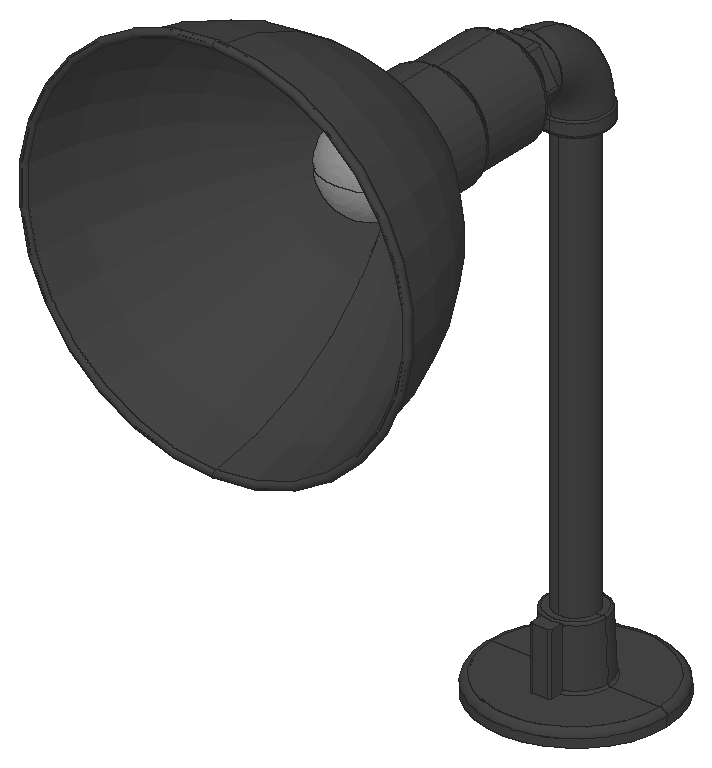
Revit family "BLE-G-DBW-G1-E26", category Lighting Fixtures, host Face, Revit 2022
Family settings
  Host = Face
  Round Connector Dimension = Use Diameter
  Part Type = Normal
  Cut with Voids When Loaded = No
  Light Source = Yes
  Maintain Annotation Orientation = No
  Shared = No
  Room Calculation Point = No
Parameters (values of type "10"")
  Wattage = 5.72229 W
  built-in parameter 1150110 = 1 (stored number, unit not read)
  built-in parameter 1114217 = 1 (stored number, unit not read)
  Tilt Angle = 0.00°
  built-in parameter 1150109 = 1 (stored number, unit not read)
  built-in parameter 1150134 = (empty or 0)
  built-in parameter 1150113 = 1 (stored number, unit not read)
  Gooseneck Material = 100 - Black
  Shade Material = 100 - Black
  Photometric Web File = "generic"
  built-in parameter 1150142 = (empty or 0)
  built-in parameter 1150105 = 67.641 (stored number, unit not read)
  Lumens = 850 lm
  built-in parameter 1150115 = 1 (stored number, unit not read)
  built-in parameter 1150137 = (empty or 0)
  built-in parameter 1150139 = (empty or 0)
  built-in parameter 1150112 = 1 (stored number, unit not read)
  built-in parameter 1150114 = 1 (stored number, unit not read)
  built-in parameter 1150132 = 2
  built-in parameter 1150102 = (empty or 0)
  built-in parameter 1150107 = 3000 (stored number, unit not read)
  built-in parameter 1150138 = (empty or 0)
  built-in parameter 1150106 = 0.67641 (stored number, unit not read)
  24" = no
  built-in parameter 1150104 = 13.8 (stored number, unit not read)
  20" = no
  Dimming Lamp Color Temperature Shift = <None>
  Default Elevation = 4' - 0"
  Color Filter = 16777215
  Base Material = 100 - Black
  built-in parameter 1114218 = 1 (stored number, unit not read)
  built-in parameter 1150133 = 10 (stored number, unit not read)
  16" = no
  14" = no
  12" = no
  10" = yes
Types (7): name | 24" | 20" | 16" | 14" | 12" | 10"
  (no name) | no | no | no | no | no | yes
  12" | no | no | no | no | yes | no
  14" | no | no | no | yes | no | no
  16" | no | no | yes | no | no | no
  10" | no | no | no | no | no | yes
  20" | no | yes | no | no | no | no
  24" | yes | no | no | no | no | no
Reference planes (in)
  plane 1 "Center (Front/Back)": y = 0
  plane 2: z = 0
  plane 3 "Center (Left/Right)": x = 0
Lines and regions (in)
  reference lines
    curve 1: line (0, 32, 0) -> (0, -36, 0)
    curve 2: line (-33.11947, 0, 0) -> (37.88053, 0, 0)
Dimensions and locks (in)
  locked: plane 1 "Center (Front/Back)" to imposter light at 5.75
  aligned and locked: plane 2 to host face
  aligned and locked: level to host face
  aligned and locked: plane 3 "Center (Left/Right)" to nested 1
  aligned and locked: plane 1 "Center (Front/Back)" to nested 1
  aligned and locked: nested 4 to imposter light
  aligned and locked: imposter light to nested 6  (x2)
  aligned and locked: nested 7 to nested 3
  aligned and locked: imposter light to plane 3 "Center (Left/Right)"
  aligned and locked: plane 1 "Center (Front/Back)" to nested 2
  aligned and locked: imposter light to nested 3  (x2)
  aligned and locked: imposter light to nested 7
  aligned and locked: nested 5 to imposter light
  aligned and locked: nested 5 to nested 2
  aligned and locked: imposter light to nested 5
Nested families (in)
  nested 1: "WBP-7501" at (0, 0, 0), type "WBP-7501"
  nested 2: "G1" at (0, 0, 1.975), type "GNK-5011"
  nested 3: "DBW Shade" at (0, -2.46318, 14.91375) x (0, 0, -1) z (0, -1, 0), type "DBW Shade"
    with 24" no, 20" no, 16" no, 14" no, 12" no
  nested 4: "103264" at (0, -3.60156, 14.91375) x (0, 0, -1) z (0, -1, 0), type "103264"
    with Heat Sink 9" no
  nested 5: "CPL-0004" at (0, -1.813, 14.91375) x (1, 0, 0) z (0, -1, 0), type "CPL-0004"
  nested 6: "E26 Socket Assy" at (0, -2.50224, 14.91375) x (0, 0, -1) z (0, -1, 0), type "E26 Socket Assy"
  nested 7: "E26 Bulb" at (0, -4.75723, 14.91375) x (1, 0, 0) z (0, -1, 0), type "E26 Bulb"
Connectors (in)
  electrical at (0, 0, 0)
    settings: index 1, voltage 0 V, apparent load 0 VA, apparent load phase1 0 VA, apparent load phase2 0 VA, apparent load phase3 0 VA, power factor 1, load classification "Other", number of poles 1, system type 31, power factor state 1, is connector primary yes, connector utility no, sub classification motor no, connector description ""
Definition of nested family "WBP-7501"
  Parameters (values of type "WBP-7501")
    Default Elevation = 3' - 0"
    Base Material = none
  Reference planes (in)
    plane 1 "Center (Front/Back)": y = 0
    plane 2: z = 0
    plane 3 "Center (Left/Right)": x = 0
    plane 4 "Base Dia": x = -2.325
    plane 5 "Base Height": z = 0.4
    plane 6 "Fillet Radius": z = 0.225
    plane 7: z = 0.458
    plane 8: x = -0.87
    plane 9: x = -0.81
    plane 10: x = -0.76
    plane 11: z = 1.917
    plane 12: z = 1.975
    plane 13: x = -0.7
    plane 14: x = -0.2595
    plane 15: x = 0.2595
    plane 16: y = -1.135
  Forms (in)
    Extrusion 1, solid
      sketch origin (0, 0, 0) x (1, 0, 0) y (0, 1, 0)
        loop
          line (-48, 48) -> (-48, -48) -> (48, -48) -> (48, 48) -> (-48, 48)
      from 0 to -12
    Revolve 2, solid, material <- "Base Material"
      sketch origin (0, 0, 0) x (1, 0, 0) y (0, 0, 1)
        loop
          line (0, 0) -> (0, 1.975) -> (-0.7, 1.975)
          arc (-0.7, 1.975) -> (-0.74172, 1.95814) -> (-0.76, 1.91702) r 0.06003
          line (-0.76, 1.91702) -> (-0.81, 0.458)
          arc (-0.81, 0.458) -> (-0.82699, 0.41699) -> (-0.868, 0.4) r 0.058
          line (-0.868, 0.4) -> (-2.15, 0.4)
          arc (-2.15, 0.4) -> (-2.27374, 0.34874) -> (-2.325, 0.225) r 0.175
          line (-2.325, 0.225) -> (-2.325, 0) -> (0, 0)
        axis (0, 0) -> (0, 1.975)
      angle from 0 to 360
    Extrusion 3, solid, material <- "Base Material"
      sketch origin (0, 0, 0) x (1, 0, 0) y (0, 1, 0)
        loop
          line (-0.2595, -0.76731) -> (-0.2595, -1.075)
          arc (-0.2595, -1.075) -> (-0.24193, -1.11743) -> (-0.1995, -1.135) r 0.06
          line (-0.1995, -1.135) -> (0.1995, -1.135)
          arc (0.1995, -1.135) -> (0.24193, -1.11743) -> (0.2595, -1.075) r 0.06
          line (0.2595, -1.075) -> (0.2595, -0.76731)
          arc (0.2595, -0.76731) -> (0, -0.81) -> (-0.2595, -0.76731) r 0.81
      from 0 to 1.975
  Cuts and joins
    joined: Revolve 2, Extrusion 3
  Dimensions and locks (in)
    plane 4 "Base Dia" to plane 3 "Center (Left/Right)" = 0' - 2.325"
    locked: plane 5 "Base Height" to Extrusion 1 at 0.4
    locked: plane 3 "Center (Left/Right)" to plane 4 "Base Dia" at 2.325
    locked: plane 5 "Base Height" to plane 6 "Fillet Radius" at 0.175
    locked: plane 3 "Center (Left/Right)" to plane 9 at 0.81
    locked: plane 3 "Center (Left/Right)" to plane 8 at 0.87
    locked: plane 3 "Center (Left/Right)" to plane 10 at 0.76
    locked: plane 3 "Center (Left/Right)" to plane 13 at 0.7
    locked: plane 11 to plane 5 "Base Height" at 1.517
    locked: plane 12 to plane 5 "Base Height" at 1.575
    locked: plane 7 to plane 5 "Base Height" at 0.058
    locked: plane 14 to plane 3 "Center (Left/Right)" at 0.2595
    locked: plane 3 "Center (Left/Right)" to plane 15 at 0.2595
    locked: plane 16 to plane 1 "Center (Front/Back)" at 1.135
    radius of Revolve 2 sketch curve = 0' - 0.175"
    aligned and locked: plane 2 to Extrusion 1
    aligned and locked: level to Extrusion 1
    aligned and locked: Revolve 2 sketch curve to plane 5 "Base Height"
    aligned and locked: plane 9 to Revolve 2 sketch curve
    aligned and locked: plane 3 "Center (Left/Right)" to Revolve 2 sketch curve
    aligned and locked: plane 15 to Extrusion 3 sketch curve
    aligned and locked: Extrusion 3 sketch curve to plane 16
    aligned and locked: Extrusion 3 sketch curve to plane 14
  Automatic sketch dimensions
    Extrusion 1 sketch curve to Extrusion 1 sketch curve = 8' - 0"  (x2)
    Revolve 2 sketch curve to level = 0' - 0"
    Revolve 2 sketch curve to plane 4 "Base Dia" = 0' - 0"
    Revolve 2 sketch curve to plane 7 = 0' - 0"  (x2)
    plane 10 to Revolve 2 sketch curve = 0' - 0"
    Revolve 2 sketch curve to plane 12 = 0' - 0"
    Revolve 2 sketch curve to plane 13 = 0' - 0"
    Revolve 2 sketch curve to plane 3 "Center (Left/Right)" = 0' - 0"
    Revolve 2 sketch curve to Revolve 2 sketch curve = 0' - 0.22742"
    Revolve 2 sketch curve to Revolve 2 sketch curve = 0' - 1.76377"
    plane 1 "Center (Front/Back)" to Extrusion 3 sketch curve = 0' - 0"
    Extrusion 3 sketch curve to plane 3 "Center (Left/Right)" = 0' - 0"
    plane 14 to Extrusion 3 sketch curve = 0' - 0.06"
    Extrusion 3 sketch curve to plane 15 = 0' - 0.06"
    Extrusion 3 sketch curve to Extrusion 3 sketch curve = 0' - 0.30769"
Definition of nested family "G1"
  Parameters (values of type "G1")
    Gooseneck Material = none
    Default Elevation = 2' - 0"
  Reference planes (in)
    plane 1 "Center (Front/Back)": y = 0
    plane 2: z = 0
    plane 3 "Center (Left/Right)": x = 0
    plane 4 "Wood Height": z = 0
    plane 5: z = 12.93875
  Forms (in)
    Extrusion 1, solid
      sketch origin (0, 0, 0) x (1, 0, 0) y (0, 1, 0)
        loop
          line (-48, 48) -> (-48, -48) -> (48, -48) -> (48, 48) -> (-48, 48)
      from 0 to -12
  Dimensions and locks (in)
    aligned and locked: plane 2 to Extrusion 1
    aligned and locked: level to Extrusion 1
    aligned and locked: Extrusion 1 to plane 4 "Wood Height"
    aligned and locked: plane 3 "Center (Left/Right)" to nested 1
    aligned and locked: plane 1 "Center (Front/Back)" to nested 1
    aligned and locked: nested 2 to plane 3 "Center (Left/Right)"
    aligned and locked: nested 2 to plane 1 "Center (Front/Back)"
  Nested families (in)
    nested 1: "GNK-7514" at (0, 0, 0), type "GNK-5001"
    nested 2: "APF-750X" at (0, 0, 11.12575) x (-1, 0, 0) z (0, 0, 1), type "APF-500X"
  Definition of nested family "GNK-7514"
    Parameters (values of type "GNK-7514")
      Gooseneck Material = none
      Default Elevation = 2' - 0"
    Reference planes (in)
      plane 1 "Center (Front/Back)": y = 0
      plane 2: z = -0.0015
      plane 3 "Center (Left/Right)": x = 0
      plane 4 "Wood Height": z = -0.0015
    Forms (in)
      Extrusion 1, solid
        sketch origin (0, 0, 0) x (1, 0, 0) y (0, 1, 0)
          loop
            line (-48, 48) -> (-48, -48) -> (48, -48) -> (48, 48) -> (-48, 48)
        from -0.0015 to -12
      Sweep 2, solid, material <- "Gooseneck Material"
        path origin (0, 0, 0) x (0, 1, 0) y (0, 0, 1)
          loop
            line (0, -0.0015) -> (0, 11.12575)
        profile origin (0, 0, 5.56212) x (0, -1, 0) y (1, 0, 0)
          loop
            circle (0, 0) r 0.52676
    Dimensions and locks (in)
      aligned and locked: plane 2 to Extrusion 1
      aligned and locked: level to Extrusion 1
      aligned and locked: Extrusion 1 to plane 4 "Wood Height"
  Definition of nested family "APF-750X"
    Parameters (values of type "APF-750X")
      Gooseneck Material = none
      Default Elevation = 2' - 0"
    Reference planes (in)
      plane 1 "Center (Front/Back)": y = 0
      plane 2: z = 0
      plane 3 "Center (Left/Right)": x = 0
      plane 4: z = 0.375
      plane 5: y = 0.8225
      plane 6: y = 1.438
      plane 7: y = 1.813
      plane 8: z = 1.813
      plane 9: z = 0.9905
      plane 10: y = 0.77
    Forms (in)
      Extrusion 1, solid
        sketch origin (0, 0, 0) x (1, 0, 0) y (0, 1, 0)
          loop
            line (-48, 48) -> (-48, -48) -> (48, -48) -> (48, 48) -> (-48, 48)
        from 0 to -12
      Revolve 2, solid, material <- "Gooseneck Material"
        sketch origin (0, 0, 0) x (0, 1, 0) y (0, 0, 1)
          loop
            line (0, 0.375) -> (0, 0) -> (0.7825, 0)
            arc (0.7825, 0) -> (0.81078, 0.01172) -> (0.8225, 0.04) r 0.04
            line (0.8225, 0.04) -> (0.8225, 0.335)
            arc (0.8225, 0.335) -> (0.81078, 0.36328) -> (0.7825, 0.375) r 0.04
            line (0.7825, 0.375) -> (0, 0.375)
          axis (0, 0.375) -> (0, 0)
        angle from 0 to 360
      Revolve 3, solid, material <- "Gooseneck Material"
        sketch origin (0, 0, 0) x (0, 1, 0) y (0, 0, 1)
          loop
            line (1.438, 1.813) -> (1.438, 1.0305)
            arc (1.438, 1.0305) -> (1.44972, 1.00222) -> (1.478, 0.9905) r 0.04
            line (1.478, 0.9905) -> (1.773, 0.9905)
            arc (1.773, 0.9905) -> (1.80128, 1.00222) -> (1.813, 1.0305) r 0.04
            line (1.813, 1.0305) -> (1.813, 1.813) -> (1.438, 1.813)
          axis (1.813, 1.813) -> (1.438, 1.813)
        angle from 0 to 360
      Sweep 4, solid, material <- "Gooseneck Material"
        path origin (0, 0, 0) x (0, 1, 0) y (0, 0, 1)
          loop
            line (0, 0) -> (0, 0.375)
            arc (0, 0.375) -> (0.42118, 1.39182) -> (1.438, 1.813) r 1.438
            line (1.438, 1.813) -> (1.813, 1.813)
        profile origin (0, 0, 0.1875) x (0, -1, 0) y (1, 0, 0)
          loop
            circle (0, 0) r 0.77
    Cuts and joins
      joined: Revolve 2, Revolve 3, Sweep 4
    Dimensions and locks (in)
      locked: plane 5 to plane 1 "Center (Front/Back)" at 0.8225
      locked: plane 4 to Extrusion 1 at 0.375
      locked: plane 7 to plane 6 at 0.375
      locked: plane 6 to plane 1 "Center (Front/Back)" at 1.438
      locked: plane 8 to plane 4 at 1.438
      locked: plane 8 to plane 9 at 0.8225
      plane 10 to plane 1 "Center (Front/Back)" = 0' - 0.77"  (x2)
      radius of Revolve 3 sketch curve = 0' - 0.04"
      aligned and locked: plane 2 to Extrusion 1
      aligned and locked: level to Extrusion 1
      aligned and locked: plane 1 "Center (Front/Back)" to Revolve 2 sketch curve
      aligned and locked: Revolve 3 sketch curve to plane 8
    Automatic sketch dimensions
      Extrusion 1 sketch curve to Extrusion 1 sketch curve = 8' - 0"  (x2)
      Revolve 2 sketch curve to plane 1 "Center (Front/Back)" = 0' - 0"
      Revolve 2 sketch curve to level = 0' - 0"
      Revolve 2 sketch curve to plane 4 = 0' - 0"
      Revolve 2 sketch curve to plane 5 = 0' - 0"
      plane 5 to Revolve 2 sketch curve = 0' - 0.04"
      Revolve 2 sketch curve to Revolve 2 sketch curve = 0' - 0.04"
      Revolve 2 sketch curve to level = 0' - 0.2686"
      plane 4 to Revolve 2 sketch curve = 0' - 0 1/4"
      Revolve 3 sketch curve to plane 5 = 0' - 0"
      Revolve 3 sketch curve to plane 6 = 0' - 0"
      Revolve 3 sketch curve to plane 9 = 0' - 0"
      Revolve 3 sketch curve to plane 7 = 0' - 0"
      Revolve 3 sketch curve to plane 8 = 0' - 0"
      plane 7 to Revolve 3 sketch curve = 0' - 0.04"
      Revolve 3 sketch curve to Revolve 3 sketch curve = 0' - 0.18003"
      Sweep 4 sketch curve to plane 6 = 0' - 0"
      Sweep 4 sketch curve to plane 7 = 0' - 0"
      Sweep 4 sketch curve to level = 0' - 0"
      Sweep 4 sketch curve to plane 4 = 0' - 0"
      Sweep 4 sketch curve to plane 8 = 0' - 0"
      Sweep 4 sketch curve to plane 3 "Center (Left/Right)" = 0' - 0"
      Sweep 4 sketch curve to profile plane = 0' - 0"
      radius of Sweep 4 sketch curve = 0' - 0.77"
Definition of nested family "DBW Shade"
  Parameters (values of type "DBW Shade")
    Shade Material = none
    Default Elevation = 2' - 0"
    24" = yes
    20" = yes
    10" = yes
    16" = yes
    14" = yes
    12" = yes
  Reference planes (in)
    plane 1 "Center (Front/Back)": y = 0
    plane 2: z = 0
    plane 3 "Center (Left/Right)": x = 0
  Forms (in)
    Extrusion 1, solid
      sketch origin (0, 0, 0) x (1, 0, 0) y (0, 1, 0)
        loop
          line (-48, 48) -> (-48, -48) -> (48, -48) -> (48, 48) -> (-48, 48)
      from 0 to -12
  Dimensions and locks (in)
    aligned and locked: plane 2 to Extrusion 1
    aligned and locked: level to Extrusion 1
    aligned and locked: plane 1 "Center (Front/Back)" to nested 1
    aligned and locked: plane 3 "Center (Left/Right)" to nested 1
    aligned and locked: plane 3 "Center (Left/Right)" to nested 2
    aligned and locked: plane 1 "Center (Front/Back)" to nested 2
    aligned and locked: plane 1 "Center (Front/Back)" to nested 3
    aligned and locked: plane 3 "Center (Left/Right)" to nested 3
    aligned and locked: plane 1 "Center (Front/Back)" to nested 4
    aligned and locked: plane 1 "Center (Front/Back)" to nested 5
    aligned and locked: plane 3 "Center (Left/Right)" to nested 5
    aligned and locked: plane 3 "Center (Left/Right)" to nested 6
    aligned and locked: plane 1 "Center (Front/Back)" to nested 6
    aligned and locked: plane 3 "Center (Left/Right)" to nested 4
  Nested families (in)
    nested 1: "SHD-0028" at (0, 0, 0), visible <- "10"", type "SHD-0028"
    nested 2: "SHD-0029" at (0, 0, 0), visible <- "12"", type "SHD-0029"
    nested 3: "SHD-0114" at (0, 0, 0), visible <- "14"", type "SHD-0114"
    nested 4: "SHD-0115" at (0, 0, 0), visible <- "16"", type "SHD-0115"
    nested 5: "SHD-0308" at (0, 0, 0), visible <- "24"", type "SHD-0308"
    nested 6: "SHD-0223" at (0, 0, 0), visible <- "20"", type "SHD-0223"
  Definition of nested family "SHD-0028"
    Parameters (values of type "SHD-0028")
      Shade Material = none
      Default Elevation = 2' - 0"
    Reference planes (in)
      plane 1 "Center (Front/Back)": y = 0
      plane 2: z = 0
      plane 3 "Center (Left/Right)": x = 0
      plane 4 "Wood Height": z = 0
      plane 5 "Nut Radius": x = -1.03713
      plane 6 "Nut Flat": x = -0.861
      plane 7 "Shade Thickness": z = 0.04
      plane 8 "Lower Shade bottom": z = 9.109
      plane 9 "Lower Shade Outer Dia": x = -5
      plane 10 "Shade Top Dia": x = -1.20713
      plane 11 "Shade Middle Radius Height1": z = 1.965
      plane 12 "Shade Lower Diameter1": x = -1.44113
      plane 13 "Shade Top Radius": x = -1.29713
      plane 14 "Shade Middle Radious Height2": z = 2.105
      plane 15 "Shade Middle Radius Diameter2": x = -1.41363
      plane 16 "Lip Height": z = 9.029
      plane 17 "Bowl Start": z = 3.545
      plane 18: x = -4.85
      plane 19: z = 9.069
    Forms (in)
      Extrusion 1, solid
        sketch origin (0, 0, 0) x (1, 0, 0) y (0, 1, 0)
          loop
            line (-48, 48) -> (-48, -48) -> (48, -48) -> (48, 48) -> (-48, 48)
        from 0 to -12
      Revolve 2, solid, material <- "Shade Material"
        sketch origin (0, 0, 0) x (1, 0, 0) y (0, 0, 1)
          loop
            line (0, 0) -> (0, 0.03906) -> (-1.20713, 0.03906)
            arc (-1.20713, 0.03906) -> (-1.24314, 0.05398) -> (-1.25806, 0.09) r 0.05094
            line (-1.25806, 0.09) -> (-1.25806, 1.94384)
            arc (-1.25806, 1.94384) -> (-1.26409, 1.97759) -> (-1.28141, 2.00717) r 0.09757
            line (-1.28141, 2.00717) -> (-1.37456, 2.11635) -> (-1.37456, 3.48096)
            arc (-1.37456, 3.48096) -> (-1.39014, 3.54099) -> (-1.43295, 3.58588) r 0.12347
            arc (-1.43295, 3.58588) -> (-3.7536, 5.90437) -> (-4.80544, 9.01154) r 7.20294
            arc (-4.80544, 9.01154) -> (-4.99326, 9.04214) -> (-4.84504, 8.9228) r 0.09841
            line (-4.84504, 8.9228) -> (-4.86619, 8.95581)
            arc (-4.86619, 8.95581) -> (-4.95809, 9.02506) -> (-4.84432, 9.00777) r 0.05934
            arc (-4.84432, 9.00777) -> (-3.78678, 5.88375) -> (-1.45354, 3.55268) r 7.242
            arc (-1.45354, 3.55268) -> (-1.42428, 3.522) -> (-1.41363, 3.48096) r 0.0844
            line (-1.41363, 3.48096) -> (-1.41363, 2.13147)
            arc (-1.41363, 2.13147) -> (-1.40868, 2.10377) -> (-1.39446, 2.07949) r 0.08009
            line (-1.39446, 2.07949) -> (-1.31112, 1.98181)
            arc (-1.31112, 1.98181) -> (-1.30074, 1.96408) -> (-1.29713, 1.94384) r 0.0585
            line (-1.29713, 1.94384) -> (-1.29713, 0.09)
            arc (-1.29713, 0.09) -> (-1.27077, 0.02636) -> (-1.20713, 0) r 0.09
            line (-1.20713, 0) -> (0, 0)
          axis (0, 9.01154) -> (0, 0)
        angle from 0 to 360
    Dimensions and locks (in)
      locked: plane 6 "Nut Flat" to plane 3 "Center (Left/Right)" at 0.861
      locked: plane 7 "Shade Thickness" to plane 4 "Wood Height" at 0.04
      locked: plane 3 "Center (Left/Right)" to plane 9 "Lower Shade Outer Dia" at 5
      locked: plane 11 "Shade Middle Radius Height1" to plane 4 "Wood Height" at 1.965
      locked: plane 14 "Shade Middle Radious Height2" to plane 4 "Wood Height" at 2.105
      locked: plane 8 "Lower Shade bottom" to plane 16 "Lip Height" at 0.08
      locked: plane 17 "Bowl Start" to plane 4 "Wood Height" at 3.545
      locked: plane 18 to plane 9 "Lower Shade Outer Dia" at 0.15
      locked: plane 8 "Lower Shade bottom" to plane 19 at 0.04
      locked: plane 8 "Lower Shade bottom" to plane 4 "Wood Height" at 9.109
      aligned and locked: plane 2 to Extrusion 1
      aligned and locked: level to Extrusion 1
      aligned and locked: plane 4 "Wood Height" to Revolve 2 sketch curve
      aligned and locked: plane 10 "Shade Top Dia" to Revolve 2 sketch curve
      aligned and locked: Revolve 2 sketch curve to plane 15 "Shade Middle Radius Diameter2"
      aligned and locked: Revolve 2 sketch curve to plane 13 "Shade Top Radius"
      aligned and locked: Extrusion 1 to plane 4 "Wood Height"
    Automatic sketch dimensions
      Extrusion 1 sketch curve to Extrusion 1 sketch curve = 8' - 0"  (x2)
      Revolve 2 sketch curve to Revolve 2 sketch curve = 0' - 0"  (x12)
      Revolve 2 sketch curve to plane 3 "Center (Left/Right)" = 0' - 0"  (x2)
      plane 18 to Revolve 2 sketch curve = 0' - 0.00496"
      Revolve 2 sketch curve to plane 18 = 0' - 0.01619"
      plane 15 "Shade Middle Radius Diameter2" to Revolve 2 sketch curve = 0' - 0.01916"
      plane 14 "Shade Middle Radious Height2" to Revolve 2 sketch curve = 0' - 0.01135"
      plane 15 "Shade Middle Radius Diameter2" to Revolve 2 sketch curve = 0' - 0 5/128"
      Revolve 2 sketch curve to plane 11 "Shade Middle Radius Height1" = 0' - 0.02116"
      plane 15 "Shade Middle Radius Diameter2" to Revolve 2 sketch curve = 0' - 0.058"
      plane 14 "Shade Middle Radious Height2" to Revolve 2 sketch curve = 0' - 0.02647"
      Revolve 2 sketch curve to plane 13 "Shade Top Radius" = 0' - 0.01572"
      Revolve 2 sketch curve to Revolve 2 sketch curve = 0' - 0 5/128"
      Revolve 2 sketch curve to plane 17 "Bowl Start" = 0' - 0.06404"
      plane 18 to Revolve 2 sketch curve = 0' - 0.00568"
      plane 17 "Bowl Start" to Revolve 2 sketch curve = 0' - 0.15101"
      Revolve 2 sketch curve to Revolve 2 sketch curve = 0' - 2.15863"
      Revolve 2 sketch curve to plane 12 "Shade Lower Diameter1" = 0' - 0.00818"
      Revolve 2 sketch curve to Revolve 2 sketch curve = 0' - 0.03888"  (x2)
      Revolve 2 sketch curve to Revolve 2 sketch curve = 0' - 0.03301"
      Revolve 2 sketch curve to Revolve 2 sketch curve = 0' - 0.02059"
      Revolve 2 sketch curve to Revolve 2 sketch curve = 0' - 0.03319"
  Definition of nested family "SHD-0029"
    Parameters (values of type "SHD-0029")
      Shade Material = none
      Default Elevation = 2' - 0"
    Reference planes (in)
      plane 1 "Center (Front/Back)": y = 0
      plane 2: z = 0
      plane 3 "Center (Left/Right)": x = 0
      plane 4 "Wood Height": z = 0
      plane 5 "Nut Radius": x = -1.03713
      plane 6 "Nut Flat": x = -0.861
      plane 7 "Shade Thickness": z = 0.04
      plane 8 "Shade Top Dia": x = -1.20713
      plane 9 "Shade Middle Radius Height1": z = 1.965
      plane 10 "Shade Lower Diameter1": x = -1.44113
      plane 11 "Shade Top Radius": x = -1.29713
      plane 12 "Shade Middle Radious Height2": z = 2.105
      plane 13 "Shade Middle Radius Diameter2": x = -1.41363
      plane 14 "Bowl Start": z = 3.545
    Forms (in)
      Extrusion 1, solid
        sketch origin (0, 0, 0) x (1, 0, 0) y (0, 1, 0)
          loop
            line (-48, 48) -> (-48, -48) -> (48, -48) -> (48, 48) -> (-48, 48)
        from 0 to -12
      Revolve 2, solid, material <- "Shade Material"
        sketch origin (0, 0, 0) x (1, 0, 0) y (0, 0, 1)
          loop
            line (0, 0) -> (0, 0.03906) -> (-1.20713, 0.03906)
            arc (-1.20713, 0.03906) -> (-1.24314, 0.05398) -> (-1.25806, 0.09) r 0.05094
            line (-1.25806, 0.09) -> (-1.25806, 1.94384)
            arc (-1.25806, 1.94384) -> (-1.26409, 1.97759) -> (-1.28141, 2.00717) r 0.09757
            line (-1.28141, 2.00717) -> (-1.37456, 2.11635) -> (-1.37456, 3.49488)
            arc (-1.37456, 3.49488) -> (-1.3856, 3.54027) -> (-1.41623, 3.57553) r 0.09889
            arc (-1.41623, 3.57553) -> (-4.2546, 6.22323) -> (-5.80711, 9.7808) r 9.56481
            arc (-5.80711, 9.7808) -> (-5.99536, 9.79563) -> (-5.84506, 9.68132) r 0.09841
            line (-5.84506, 9.68132) -> (-5.86621, 9.71432)
            arc (-5.86621, 9.71432) -> (-5.9593, 9.78052) -> (-5.84534, 9.77276) r 0.05934
            arc (-5.84534, 9.77276) -> (-4.28694, 6.2013) -> (-1.43786, 3.54296) r 9.60387
            arc (-1.43786, 3.54296) -> (-1.42003, 3.5218) -> (-1.41363, 3.49488) r 0.05982
            line (-1.41363, 3.49488) -> (-1.41363, 2.13147)
            arc (-1.41363, 2.13147) -> (-1.40868, 2.10377) -> (-1.39446, 2.07949) r 0.08009
            line (-1.39446, 2.07949) -> (-1.31112, 1.98181)
            arc (-1.31112, 1.98181) -> (-1.30074, 1.96408) -> (-1.29713, 1.94384) r 0.0585
            line (-1.29713, 1.94384) -> (-1.29713, 0.09)
            arc (-1.29713, 0.09) -> (-1.27077, 0.02636) -> (-1.20713, 0) r 0.09
            line (-1.20713, 0) -> (0, 0)
          axis (0, 9.7808) -> (0, 0)
        angle from 0 to 360
    Dimensions and locks (in)
      locked: plane 6 "Nut Flat" to plane 3 "Center (Left/Right)" at 0.861
      locked: plane 7 "Shade Thickness" to plane 4 "Wood Height" at 0.04
      locked: plane 9 "Shade Middle Radius Height1" to plane 4 "Wood Height" at 1.965
      locked: plane 12 "Shade Middle Radious Height2" to plane 4 "Wood Height" at 2.105
      locked: plane 14 "Bowl Start" to plane 4 "Wood Height" at 3.545
      aligned and locked: plane 2 to Extrusion 1
      aligned and locked: level to Extrusion 1
      aligned and locked: plane 4 "Wood Height" to Revolve 2 sketch curve
      aligned and locked: plane 8 "Shade Top Dia" to Revolve 2 sketch curve
      aligned and locked: Revolve 2 sketch curve to plane 13 "Shade Middle Radius Diameter2"
      aligned and locked: Revolve 2 sketch curve to plane 11 "Shade Top Radius"
      aligned and locked: Extrusion 1 to plane 4 "Wood Height"
    Automatic sketch dimensions
      Extrusion 1 sketch curve to Extrusion 1 sketch curve = 8' - 0"  (x2)
      Revolve 2 sketch curve to Revolve 2 sketch curve = 0' - 0"  (x15)
      Revolve 2 sketch curve to plane 3 "Center (Left/Right)" = 0' - 0"  (x2)
      plane 10 "Shade Lower Diameter1" to Revolve 2 sketch curve = 0' - 0.03232"
      Revolve 2 sketch curve to Revolve 2 sketch curve = 0' - 0.02115"
      Revolve 2 sketch curve to Revolve 2 sketch curve = 0' - 0.0372"
      plane 13 "Shade Middle Radius Diameter2" to Revolve 2 sketch curve = 0' - 0.01916"
      plane 12 "Shade Middle Radious Height2" to Revolve 2 sketch curve = 0' - 0.01135"
      plane 13 "Shade Middle Radius Diameter2" to Revolve 2 sketch curve = 0' - 0 5/128"
      Revolve 2 sketch curve to plane 9 "Shade Middle Radius Height1" = 0' - 0.02116"
      plane 13 "Shade Middle Radius Diameter2" to Revolve 2 sketch curve = 0' - 0.058"
      plane 12 "Shade Middle Radious Height2" to Revolve 2 sketch curve = 0' - 0.02647"
      Revolve 2 sketch curve to plane 11 "Shade Top Radius" = 0' - 0.01572"
      Revolve 2 sketch curve to Revolve 2 sketch curve = 0' - 0 5/128"
      Revolve 2 sketch curve to plane 14 "Bowl Start" = 0' - 0.05012"
      Revolve 2 sketch curve to Revolve 2 sketch curve = 0' - 0.03301"
      Revolve 2 sketch curve to Revolve 2 sketch curve = 0' - 0.04623"
      Revolve 2 sketch curve to plane 13 "Shade Middle Radius Diameter2" = 0' - 0.00261"
      Revolve 2 sketch curve to plane 14 "Bowl Start" = 0' - 0.00204"
      plane 14 "Bowl Start" to Revolve 2 sketch curve = 0' - 0.15101"
      Revolve 2 sketch curve to Revolve 2 sketch curve = 0' - 2.15863"
      plane 10 "Shade Lower Diameter1" to Revolve 2 sketch curve = 0' - 4.40394"
      plane 3 "Center (Left/Right)" to Revolve 2 sketch curve = 0' - 3.5532"
      plane 14 "Bowl Start" to Revolve 2 sketch curve = 0' - 6.13632"
  Definition of nested family "SHD-0114"
    Parameters (values of type "SHD-0114")
      Shade Material = none
      Default Elevation = 2' - 0"
    Reference planes (in)
      plane 1 "Center (Front/Back)": y = 0
      plane 2: z = 0
      plane 3 "Center (Left/Right)": x = 0
      plane 4 "Wood Height": z = 0
    Forms (in)
      Extrusion 1, solid
        sketch origin (0, 0, 0) x (1, 0, 0) y (0, 1, 0)
          loop
            line (-48, 48) -> (-48, -48) -> (48, -48) -> (48, 48) -> (-48, 48)
        from 0 to -12
      Revolve 2, solid, material <- "Shade Material"
        sketch origin (0, 0, 0) x (1, 0, 0) y (0, 0, 1)
          loop
            line (0, 0) -> (0, 0.03906) -> (-1.45545, 0.03906)
            arc (-1.45545, 0.03906) -> (-1.49164, 0.05405) -> (-1.50663, 0.09025) r 0.05119
            line (-1.50663, 0.09025) -> (-1.50663, 2.07228)
            arc (-1.50663, 2.07228) -> (-1.51325, 2.1034) -> (-1.53194, 2.12913) r 0.0765
            line (-1.53194, 2.12913) -> (-1.59895, 2.18946)
            arc (-1.59895, 2.18946) -> (-1.61737, 2.21483) -> (-1.62389, 2.24549) r 0.07539
            line (-1.62389, 2.24549) -> (-1.62389, 3.76049)
            arc (-1.62389, 3.76049) -> (-1.63985, 3.81863) -> (-1.68326, 3.86047) r 0.11386
            arc (-1.68326, 3.86047) -> (-5.12462, 6.95788) -> (-6.79993, 11.27416) r 9.99002
            arc (-6.79993, 11.27416) -> (-6.99505, 11.29998) -> (-6.84047, 11.17815) r 0.10205
            line (-6.84047, 11.17815) -> (-6.86365, 11.20959)
            arc (-6.86365, 11.20959) -> (-6.95906, 11.28479) -> (-6.83863, 11.26885) r 0.06299
            arc (-6.83863, 11.26885) -> (-5.15677, 6.93569) -> (-1.70196, 3.82617) r 10.02909
            arc (-1.70196, 3.82617) -> (-1.67344, 3.79868) -> (-1.66295, 3.76049) r 0.07479
            line (-1.66295, 3.76049) -> (-1.66295, 2.24549)
            arc (-1.66295, 2.24549) -> (-1.65306, 2.19894) -> (-1.62508, 2.16043) r 0.11445
            line (-1.62508, 2.16043) -> (-1.55808, 2.1001)
            arc (-1.55808, 2.1001) -> (-1.54893, 2.08751) -> (-1.54569, 2.07228) r 0.03743
            line (-1.54569, 2.07228) -> (-1.54569, 0.09025)
            arc (-1.54569, 0.09025) -> (-1.51926, 0.02643) -> (-1.45545, 0) r 0.09025
            line (-1.45545, 0) -> (0, 0)
          axis (0, 11.27416) -> (0, 0)
        angle from 0 to 360
    Dimensions and locks (in)
      aligned and locked: plane 2 to Extrusion 1
      aligned and locked: level to Extrusion 1
      aligned and locked: Extrusion 1 to plane 4 "Wood Height"
    Automatic sketch dimensions
      Extrusion 1 sketch curve to Extrusion 1 sketch curve = 8' - 0"  (x2)
      Revolve 2 sketch curve to Revolve 2 sketch curve = 0' - 0"  (x25)
      Revolve 2 sketch curve to level = 0' - 0"
      Revolve 2 sketch curve to plane 3 "Center (Left/Right)" = 0' - 0"  (x2)
      Revolve 2 sketch curve to Revolve 2 sketch curve = 0' - 0.01239"
      Revolve 2 sketch curve to Revolve 2 sketch curve = 0' - 0.07479"
      Revolve 2 sketch curve to Revolve 2 sketch curve = 0' - 0.02318"
      Revolve 2 sketch curve to Revolve 2 sketch curve = 0' - 0.03738"
      Revolve 2 sketch curve to Revolve 2 sketch curve = 0' - 0.03144"
      Revolve 2 sketch curve to Revolve 2 sketch curve = 0' - 0.0507"
      Revolve 2 sketch curve to Revolve 2 sketch curve = 0' - 0.01869"  (x2)
      Revolve 2 sketch curve to Revolve 2 sketch curve = 0' - 2.15863"
      plane 3 "Center (Left/Right)" to Revolve 2 sketch curve = 0' - 3.09734"
      Revolve 2 sketch curve to Revolve 2 sketch curve = 0' - 0.02614"
      Revolve 2 sketch curve to Revolve 2 sketch curve = 0' - 0 5/128"  (x2)
      Revolve 2 sketch curve to Revolve 2 sketch curve = 0' - 1.45545"
      Revolve 2 sketch curve to Revolve 2 sketch curve = 0' - 0.05119"
      Revolve 2 sketch curve to Revolve 2 sketch curve = 0' - 0.02531"
      Revolve 2 sketch curve to Revolve 2 sketch curve = 0' - 0.01656"
      Revolve 2 sketch curve to Revolve 2 sketch curve = 0' - 0.02505"
      Revolve 2 sketch curve to Revolve 2 sketch curve = 0' - 0.05045"
      Revolve 2 sketch curve to plane 3 "Center (Left/Right)" = 0' - 6.84047"
      Revolve 2 sketch curve to Revolve 2 sketch curve = 0' - 1.98204"
      Revolve 2 sketch curve to Revolve 2 sketch curve = 0' - 1.515"
      Revolve 2 sketch curve to Revolve 2 sketch curve = 0' - 7.41765"
      Revolve 2 sketch curve to Revolve 2 sketch curve = 0' - 0.06448"
  Definition of nested family "SHD-0115"
    Parameters (values of type "SHD-0115")
      Shade Material = none
      Default Elevation = 2' - 0"
    Reference planes (in)
      plane 1 "Center (Front/Back)": y = 0
      plane 2: z = 0
      plane 3 "Center (Left/Right)": x = 0
      plane 4 "Wood Height": z = 0
    Forms (in)
      Extrusion 1, solid
        sketch origin (0, 0, 0) x (1, 0, 0) y (0, 1, 0)
          loop
            line (-48, 48) -> (-48, -48) -> (48, -48) -> (48, 48) -> (-48, 48)
        from 0 to -12
      Revolve 2, solid, material <- "Shade Material"
        sketch origin (0, 0, 0) x (1, 0, 0) y (0, 0, 1)
          loop
            line (0, 0) -> (0, 0.03906) -> (-1.45545, 0.03906)
            arc (-1.45545, 0.03906) -> (-1.49164, 0.05405) -> (-1.50663, 0.09025) r 0.05119
            line (-1.50663, 0.09025) -> (-1.50663, 2.07228)
            arc (-1.50663, 2.07228) -> (-1.51325, 2.1034) -> (-1.53194, 2.12913) r 0.0765
            line (-1.53194, 2.12913) -> (-1.59895, 2.18946)
            arc (-1.59895, 2.18946) -> (-1.61737, 2.21483) -> (-1.62389, 2.24549) r 0.07539
            line (-1.62389, 2.24549) -> (-1.62389, 3.76049)
            arc (-1.62389, 3.76049) -> (-1.64115, 3.82076) -> (-1.6877, 3.86276) r 0.11386
            arc (-1.6877, 3.86276) -> (-5.9143, 7.51176) -> (-7.79992, 12.76759) r 10.98102
            arc (-7.79992, 12.76759) -> (-7.99459, 12.80067) -> (-7.84102, 12.67655) r 0.10205
            line (-7.84102, 12.67655) -> (-7.8642, 12.70799)
            arc (-7.8642, 12.70799) -> (-7.95899, 12.7846) -> (-7.83883, 12.76418) r 0.06299
            arc (-7.83883, 12.76418) -> (-5.94651, 7.48965) -> (-1.70487, 3.82767) r 11.02008
            arc (-1.70487, 3.82767) -> (-1.67429, 3.80009) -> (-1.66295, 3.76049) r 0.07479
            line (-1.66295, 3.76049) -> (-1.66295, 2.24549)
            arc (-1.66295, 2.24549) -> (-1.65306, 2.19894) -> (-1.62508, 2.16043) r 0.11445
            line (-1.62508, 2.16043) -> (-1.55808, 2.1001)
            arc (-1.55808, 2.1001) -> (-1.54893, 2.08751) -> (-1.54569, 2.07228) r 0.03743
            line (-1.54569, 2.07228) -> (-1.54569, 0.09025)
            arc (-1.54569, 0.09025) -> (-1.51926, 0.02643) -> (-1.45545, 0) r 0.09025
            line (-1.45545, 0) -> (0, 0)
          axis (0, 12.76759) -> (0, 0)
        angle from 0 to 360
    Dimensions and locks (in)
      aligned and locked: plane 2 to Extrusion 1
      aligned and locked: level to Extrusion 1
      aligned and locked: Extrusion 1 to plane 4 "Wood Height"
    Automatic sketch dimensions
      Extrusion 1 sketch curve to Extrusion 1 sketch curve = 8' - 0"  (x2)
      Revolve 2 sketch curve to Revolve 2 sketch curve = 0' - 0"  (x16)
      Revolve 2 sketch curve to level = 0' - 0"
      Revolve 2 sketch curve to plane 3 "Center (Left/Right)" = 0' - 0"  (x2)
      Revolve 2 sketch curve to Revolve 2 sketch curve = 0' - 1.45545"
      Revolve 2 sketch curve to plane 3 "Center (Left/Right)" = 0' - 1.50663"
      Revolve 2 sketch curve to Revolve 2 sketch curve = 0' - 0.02531"
      Revolve 2 sketch curve to Revolve 2 sketch curve = 0' - 0 5/128"
      Revolve 2 sketch curve to Revolve 2 sketch curve = 0' - 0.01656"
      Revolve 2 sketch curve to Revolve 2 sketch curve = 0' - 0.01239"
      Revolve 2 sketch curve to Revolve 2 sketch curve = 0' - 0.02505"
      Revolve 2 sketch curve to Revolve 2 sketch curve = 0' - 0.05045"
      Revolve 2 sketch curve to Revolve 2 sketch curve = 0' - 0.02494"
      Revolve 2 sketch curve to Revolve 2 sketch curve = 0' - 0.02614"
      Revolve 2 sketch curve to Revolve 2 sketch curve = 0' - 0.07479"
      Revolve 2 sketch curve to Revolve 2 sketch curve = 0' - 0.02318"
      Revolve 2 sketch curve to Revolve 2 sketch curve = 0' - 0.03738"
      plane 3 "Center (Left/Right)" to Revolve 2 sketch curve = 0' - 3.13919"
      Revolve 2 sketch curve to Revolve 2 sketch curve = 0' - 1.98204"
      Revolve 2 sketch curve to Revolve 2 sketch curve = 0' - 1.515"
      Revolve 2 sketch curve to Revolve 2 sketch curve = 0' - 0.03144"
      Revolve 2 sketch curve to Revolve 2 sketch curve = 0' - 0.0507"
      Revolve 2 sketch curve to Revolve 2 sketch curve = 0' - 1.04947"
      Revolve 2 sketch curve to Revolve 2 sketch curve = 0' - 0.03891"
      Revolve 2 sketch curve to Revolve 2 sketch curve = 0' - 0.06448"
      Revolve 2 sketch curve to Revolve 2 sketch curve = 0' - 2.15863"
  Definition of nested family "SHD-0308"
    Parameters (values of type "SHD-0308")
      Shade Material = none
      Default Elevation = 2' - 0"
    Reference planes (in)
      plane 1 "Center (Front/Back)": y = 0
      plane 2: z = 0
      plane 3 "Center (Left/Right)": x = 0
      plane 4 "Wood Height": z = 0
    Forms (in)
      Extrusion 1, solid
        sketch origin (0, 0, 0) x (1, 0, 0) y (0, 1, 0)
          loop
            line (-48, 48) -> (-48, -48) -> (48, -48) -> (48, 48) -> (-48, 48)
        from 0 to -12
      Revolve 2, solid, material <- "Shade Material"
        sketch origin (0, 0, 0) x (1, 0, 0) y (0, 0, 1)
          loop
            line (0, 0) -> (0, 0.03906) -> (-2.22237, 0.03906)
            arc (-2.22237, 0.03906) -> (-2.2742, 0.06053) -> (-2.29567, 0.11236) r 0.0733
            line (-2.29567, 0.11236) -> (-2.29567, 3.09806)
            arc (-2.29567, 3.09806) -> (-2.30835, 3.16758) -> (-2.34475, 3.22814) r 0.19691
            line (-2.34475, 3.22814) -> (-2.42725, 3.32189)
            arc (-2.42725, 3.32189) -> (-2.46224, 3.38009) -> (-2.47442, 3.4469) r 0.18923
            line (-2.47442, 3.4469) -> (-2.47442, 5.72055)
            arc (-2.47442, 5.72055) -> (-2.4994, 5.80773) -> (-2.56677, 5.86845) r 0.16462
            arc (-2.56677, 5.86845) -> (-9.0535, 11.47959) -> (-11.91654, 19.56448) r 16.76616
            arc (-11.91654, 19.56448) -> (-11.93143, 19.59499) -> (-11.96306, 19.60734) r 0.04667
            line (-11.96306, 19.60734) -> (-12.00319, 19.60734)
            arc (-12.00319, 19.60734) -> (-12.07667, 19.53386) -> (-12.00319, 19.46037) r 0.07348
            line (-12.00319, 19.46037) -> (-11.96309, 19.46037) -> (-11.96309, 19.49944) -> (-12.00319, 19.49944)
            arc (-12.00319, 19.49944) -> (-12.03761, 19.53386) -> (-12.00319, 19.56828) r 0.03442
            line (-12.00319, 19.56828) -> (-11.95604, 19.56828)
            arc (-11.95604, 19.56828) -> (-9.08774, 11.46046) -> (-2.58392, 5.83336) r 16.80523
            arc (-2.58392, 5.83336) -> (-2.53254, 5.78704) -> (-2.51348, 5.72055) r 0.12556
            line (-2.51348, 5.72055) -> (-2.51348, 3.4469)
            arc (-2.51348, 3.4469) -> (-2.49878, 3.3663) -> (-2.45658, 3.29609) r 0.22829
            line (-2.45658, 3.29609) -> (-2.37408, 3.20234)
            arc (-2.37408, 3.20234) -> (-2.34489, 3.15379) -> (-2.33473, 3.09806) r 0.15785
            line (-2.33473, 3.09806) -> (-2.33473, 0.11236)
            arc (-2.33473, 0.11236) -> (-2.30182, 0.03291) -> (-2.22237, 0) r 0.11236
            line (-2.22237, 0) -> (0, 0)
          axis (0, 19.60734) -> (0, 0)
        angle from 0 to 360
    Dimensions and locks (in)
      aligned and locked: plane 2 to Extrusion 1
      aligned and locked: level to Extrusion 1
      aligned and locked: Extrusion 1 to plane 4 "Wood Height"
    Automatic sketch dimensions
      Extrusion 1 sketch curve to Extrusion 1 sketch curve = 8' - 0"  (x2)
      Revolve 2 sketch curve to Revolve 2 sketch curve = 0' - 0"  (x24)
      Revolve 2 sketch curve to level = 0' - 0"
      Revolve 2 sketch curve to plane 3 "Center (Left/Right)" = 0' - 0"  (x2)
      Revolve 2 sketch curve to Revolve 2 sketch curve = 0' - 0.01047"
      Revolve 2 sketch curve to Revolve 2 sketch curve = 0' - 0.01002"
      Revolve 2 sketch curve to Revolve 2 sketch curve = 0' - 0.02933"  (x2)
      Revolve 2 sketch curve to Revolve 2 sketch curve = 0' - 0.04717"
      Revolve 2 sketch curve to Revolve 2 sketch curve = 0' - 0.12556"
      Revolve 2 sketch curve to Revolve 2 sketch curve = 0' - 0.00701"
      Revolve 2 sketch curve to Revolve 2 sketch curve = 0' - 0.00004"
      Revolve 2 sketch curve to Revolve 2 sketch curve = 0' - 0.04013"
      plane 3 "Center (Left/Right)" to Revolve 2 sketch curve = 0' - 4.79372"
      Revolve 2 sketch curve to Revolve 2 sketch curve = 0' - 0 5/128"  (x2)
      Revolve 2 sketch curve to Revolve 2 sketch curve = 0' - 2.9857"
      Revolve 2 sketch curve to Revolve 2 sketch curve = 0' - 2.27365"
      Revolve 2 sketch curve to Revolve 2 sketch curve = 0' - 0.03442"
      Revolve 2 sketch curve to Revolve 2 sketch curve = 0' - 0.00761"
      Revolve 2 sketch curve to Revolve 2 sketch curve = 0' - 0.24911"
      Revolve 2 sketch curve to Revolve 2 sketch curve = 0' - 2.15863"
      Revolve 2 sketch curve to Revolve 2 sketch curve = 0' - 2.22237"
      Revolve 2 sketch curve to plane 3 "Center (Left/Right)" = 0' - 2.28519"
      Revolve 2 sketch curve to plane 3 "Center (Left/Right)" = 0' - 11.95604"
      Revolve 2 sketch curve to Revolve 2 sketch curve = 1' - 1.73983"
      Revolve 2 sketch curve to Revolve 2 sketch curve = 1' - 3.07792"
  Definition of nested family "SHD-0223"
    Parameters (values of type "SHD-0223")
      Shade Material = none
      Default Elevation = 2' - 0"
    Reference planes (in)
      plane 1 "Center (Front/Back)": y = 0
      plane 2: z = 0
      plane 3 "Center (Left/Right)": x = 0
      plane 4 "Wood Height": z = 0
    Forms (in)
      Extrusion 1, solid
        sketch origin (0, 0, 0) x (1, 0, 0) y (0, 1, 0)
          loop
            line (-48, 48) -> (-48, -48) -> (48, -48) -> (48, 48) -> (-48, 48)
        from 0 to -12
      Revolve 2, solid, material <- "Shade Material"
        sketch origin (0, 0, 0) x (1, 0, 0) y (0, 0, 1)
          loop
            line (0, 0) -> (0, 0.03906) -> (-1.8485, 0.03906)
            arc (-1.8485, 0.03906) -> (-1.88896, 0.05582) -> (-1.90572, 0.09628) r 0.05722
            line (-1.90572, 0.09628) -> (-1.90572, 2.57881)
            arc (-1.90572, 2.57881) -> (-1.9168, 2.64011) -> (-1.94865, 2.69364) r 0.17504
            line (-1.94865, 2.69364) -> (-2.01787, 2.77327)
            arc (-2.01787, 2.77327) -> (-2.04498, 2.81883) -> (-2.05441, 2.871) r 0.14898
            line (-2.05441, 2.871) -> (-2.05441, 4.7663)
            arc (-2.05441, 4.7663) -> (-2.07634, 4.84285) -> (-2.13548, 4.89618) r 0.14458
            arc (-2.13548, 4.89618) -> (-7.53748, 9.56968) -> (-9.92412, 16.30223) r 13.97395
            arc (-9.92412, 16.30223) -> (-9.93712, 16.32887) -> (-9.96474, 16.33964) r 0.04076
            line (-9.96474, 16.33964) -> (-10.00281, 16.33964)
            arc (-10.00281, 16.33964) -> (-10.06432, 16.27814) -> (-10.00281, 16.21663) r 0.06151
            line (-10.00281, 16.21663) -> (-9.96563, 16.21663) -> (-9.96563, 16.25569) -> (-10.00281, 16.25569)
            arc (-10.00281, 16.25569) -> (-10.02526, 16.27814) -> (-10.00281, 16.30058) r 0.02244
            line (-10.00281, 16.30058) -> (-9.96317, 16.30058)
            arc (-9.96317, 16.30058) -> (-7.57018, 9.5483) -> (-2.15264, 4.86109) r 14.01301
            arc (-2.15264, 4.86109) -> (-2.10948, 4.82217) -> (-2.09348, 4.7663) r 0.10551
            line (-2.09348, 4.7663) -> (-2.09348, 2.871)
            arc (-2.09348, 2.871) -> (-2.08157, 2.80515) -> (-2.04735, 2.74764) r 0.18804
            line (-2.04735, 2.74764) -> (-1.97814, 2.66801)
            arc (-1.97814, 2.66801) -> (-1.95339, 2.62643) -> (-1.94478, 2.57881) r 0.13598
            line (-1.94478, 2.57881) -> (-1.94478, 0.09628)
            arc (-1.94478, 0.09628) -> (-1.91658, 0.0282) -> (-1.8485, 0) r 0.09628
            line (-1.8485, 0) -> (0, 0)
          axis (0, 16.33964) -> (0, 0)
        angle from 0 to 360
    Dimensions and locks (in)
      aligned and locked: plane 2 to Extrusion 1
      aligned and locked: level to Extrusion 1
      aligned and locked: Extrusion 1 to plane 4 "Wood Height"
    Automatic sketch dimensions
      Extrusion 1 sketch curve to Extrusion 1 sketch curve = 8' - 0"  (x2)
      Revolve 2 sketch curve to Revolve 2 sketch curve = 0' - 0"  (x24)
      Revolve 2 sketch curve to level = 0' - 0"
      Revolve 2 sketch curve to plane 3 "Center (Left/Right)" = 0' - 0"  (x2)
      Revolve 2 sketch curve to Revolve 2 sketch curve = 0' - 0.05722"
      Revolve 2 sketch curve to Revolve 2 sketch curve = 0' - 0.00387"
      Revolve 2 sketch curve to Revolve 2 sketch curve = 0' - 0.02948"  (x2)
      Revolve 2 sketch curve to Revolve 2 sketch curve = 0' - 0.06922"
      Revolve 2 sketch curve to Revolve 2 sketch curve = 0' - 0.10551"
      Revolve 2 sketch curve to Revolve 2 sketch curve = 0' - 0.00156"
      Revolve 2 sketch curve to Revolve 2 sketch curve = 0' - 0.0009"
      Revolve 2 sketch curve to Revolve 2 sketch curve = 0' - 0.03807"
      plane 3 "Center (Left/Right)" to Revolve 2 sketch curve = 0' - 4.00263"
      Revolve 2 sketch curve to Revolve 2 sketch curve = 0' - 0 5/128"  (x2)
      Revolve 2 sketch curve to Revolve 2 sketch curve = 0' - 0.02244"
      Revolve 2 sketch curve to Revolve 2 sketch curve = 0' - 0.0017"
      Revolve 2 sketch curve to Revolve 2 sketch curve = 0' - 2.15863"
      Revolve 2 sketch curve to Revolve 2 sketch curve = 0' - 11.59521"
      Revolve 2 sketch curve to Revolve 2 sketch curve = 0' - 1.8485"
      Revolve 2 sketch curve to Revolve 2 sketch curve = 0' - 0.00028"
      Revolve 2 sketch curve to plane 3 "Center (Left/Right)" = 0' - 9.96317"
      Revolve 2 sketch curve to Revolve 2 sketch curve = 0' - 2.48252"
      Revolve 2 sketch curve to Revolve 2 sketch curve = 0' - 1.89529"
      Revolve 2 sketch curve to Revolve 2 sketch curve = 0' - 11.45033"
      Revolve 2 sketch curve to Revolve 2 sketch curve = 0' - 1.11021"
Definition of nested family "CPL-0004"
  Parameters (values of type "CPL-0004")
    Coupler Material = none
    Default Elevation = 2' - 0"
  Reference planes (in)
    plane 1 "Center (Front/Back)": y = 0
    plane 2: z = 0
    plane 3 "Center (Left/Right)": x = 0
    plane 4 "Wood Height": z = 0
    plane 5: y = 0.875
    plane 6: z = 0.4
  Forms (in)
    Extrusion 1, solid
      sketch origin (0, 0, 0) x (1, 0, 0) y (0, 1, 0)
        loop
          line (-48, 48) -> (-48, -48) -> (48, -48) -> (48, 48) -> (-48, 48)
      from 0 to -12
    Extrusion 2, solid, material <- "Coupler Material"
      sketch origin (0, 0, 0) x (1, 0, 0) y (0, 1, 0)
        loop
          line (-0.54127, 0.8125) -> (-0.97428, 0.0625)
          arc (-0.97428, 0.0625) -> (-0.99103, 0) -> (-0.97428, -0.0625) r 0.125
          line (-0.97428, -0.0625) -> (-0.54127, -0.8125)
          arc (-0.54127, -0.8125) -> (-0.49551, -0.85825) -> (-0.43301, -0.875) r 0.125
          line (-0.43301, -0.875) -> (0.43301, -0.875)
          arc (0.43301, -0.875) -> (0.49551, -0.85825) -> (0.54127, -0.8125) r 0.125
          line (0.54127, -0.8125) -> (0.97428, -0.0625)
          arc (0.97428, -0.0625) -> (0.99103, 0) -> (0.97428, 0.0625) r 0.125
          line (0.97428, 0.0625) -> (0.54127, 0.8125)
          arc (0.54127, 0.8125) -> (0.49551, 0.85825) -> (0.43301, 0.875) r 0.125
          line (0.43301, 0.875) -> (-0.43301, 0.875)
          arc (-0.43301, 0.875) -> (-0.49551, 0.85825) -> (-0.54127, 0.8125) r 0.125
      from 0 to 0.4
    Revolve 3, solid, material <- "Coupler Material"
      sketch origin (0, 0, 0) x (1, 0, 0) y (0, 0, 1)
        loop
          line (0, 0.65018) -> (-1.00921, 0.65018) -> (-1.03665, 0.61971) -> (-1.02973, 0.43008)
          arc (-1.02973, 0.43008) -> (-1.02417, 0.41239) -> (-1.01036, 0.4) r 0.03506
          line (-1.01036, 0.4) -> (0, 0.4) -> (0, 0.65018)
        axis (0, 0.65018) -> (0, 0.4)
      angle from 0 to 360
  Dimensions and locks (in)
    locked: plane 5 to plane 1 "Center (Front/Back)" at 0.875
    locked: plane 6 to Extrusion 1 at 0.4
    aligned and locked: plane 2 to Extrusion 1
    aligned and locked: level to Extrusion 1
    aligned and locked: Extrusion 1 to plane 4 "Wood Height"
    aligned and locked: Revolve 3 sketch curve to plane 3 "Center (Left/Right)"
  Automatic sketch dimensions
    Extrusion 1 sketch curve to Extrusion 1 sketch curve = 8' - 0"  (x2)
    Revolve 3 sketch curve to plane 6 = 0' - 0"
    Revolve 3 sketch curve to plane 3 "Center (Left/Right)" = 0' - 0"
    plane 6 to Revolve 3 sketch curve = 0' - 0.03136"
    Revolve 3 sketch curve to plane 3 "Center (Left/Right)" = 0' - 0.99469"
    plane 6 to Revolve 3 sketch curve = 0' - 0.25018"
    Revolve 3 sketch curve to Revolve 3 sketch curve = 0' - 0.01453"
    Revolve 3 sketch curve to Revolve 3 sketch curve = 0' - 0.01568"
    plane 6 to Revolve 3 sketch curve = 0' - 0.03008"
    plane 6 to Revolve 3 sketch curve = 0' - 0.21971"
    Revolve 3 sketch curve to Revolve 3 sketch curve = 0' - 0.02744"
    Revolve 3 sketch curve to level = 0' - 0.16839"
    Revolve 3 sketch curve to Revolve 3 sketch curve = 0' - 0.1618"
    plane 1 "Center (Front/Back)" to Extrusion 2 sketch curve = 0' - 0"  (x2)
    Extrusion 2 sketch curve to plane 5 = 0' - 0"
    Extrusion 2 sketch curve to plane 1 "Center (Front/Back)" = 0' - 0 1/16"  (x2)
    plane 1 "Center (Front/Back)" to Extrusion 2 sketch curve = 0' - 0 1/16"  (x2)
    Extrusion 2 sketch curve to Extrusion 2 sketch curve = 0' - 0.10825"  (x4)
    Extrusion 2 sketch curve to plane 3 "Center (Left/Right)" = 0' - 0.54127"
    Extrusion 2 sketch curve to plane 5 = 0' - 0 1/16"  (x2)
    plane 3 "Center (Left/Right)" to Extrusion 2 sketch curve = 0' - 0.43301"  (x2)
Definition of nested family "E26 Socket Assy"
  Parameters (values of type "E26 Socket Assy")
    Shade Material = none
    Default Elevation = 2' - 0"
  Reference planes (in)
    plane 1 "Center (Front/Back)": y = 0
    plane 2: z = 0
    plane 3 "Center (Left/Right)": x = 0
    plane 4 "Wood Height": z = 0
  Forms (in)
    Extrusion 1, solid
      sketch origin (0, 0, 0) x (1, 0, 0) y (0, 1, 0)
        loop
          line (-48, 48) -> (-48, -48) -> (48, -48) -> (48, 48) -> (-48, 48)
      from 0 to -12
    Revolve 2, solid
      sketch origin (0, 0, 0) x (1, 0, 0) y (0, 0, 1)
        loop
          line (0, 0) -> (0, 2.155) -> (-0.57839, 2.155) -> (-0.67838, 2.25499) -> (-0.71769, 2.25499)
          arc (-0.71769, 2.25499) -> (-0.75193, 2.2408) -> (-0.76611, 2.20657) r 0.04842
          line (-0.76611, 2.20657) -> (-0.76611, 0.37999) -> (-1, 0.37999) -> (-0.98772, 0.02838)
          arc (-0.98772, 0.02838) -> (-0.97876, 0.00825) -> (-0.95833, 0) r 0.02941
          line (-0.95833, 0) -> (0, 0)
        axis (0, 2.25499) -> (0, 0)
      angle from 0 to 360
  Dimensions and locks (in)
    aligned and locked: plane 2 to Extrusion 1
    aligned and locked: level to Extrusion 1
    aligned and locked: Extrusion 1 to plane 4 "Wood Height"
    aligned and locked: Revolve 2 sketch curve to plane 3 "Center (Left/Right)"
  Automatic sketch dimensions
    Extrusion 1 sketch curve to Extrusion 1 sketch curve = 8' - 0"  (x2)
    Revolve 2 sketch curve to level = 0' - 0"
    Revolve 2 sketch curve to plane 3 "Center (Left/Right)" = 0' - 0"
    Revolve 2 sketch curve to plane 3 "Center (Left/Right)" = 0' - 0.67838"
    Revolve 2 sketch curve to Revolve 2 sketch curve = 0' - 0.03931"
    level to Revolve 2 sketch curve = 0' - 0.37999"
    Revolve 2 sketch curve to plane 3 "Center (Left/Right)" = 0' - 0.76611"
    level to Revolve 2 sketch curve = 0' - 0.02941"
    Revolve 2 sketch curve to Revolve 2 sketch curve = 0' - 0.19222"
    level to Revolve 2 sketch curve = 0' - 0.02838"
    Revolve 2 sketch curve to Revolve 2 sketch curve = 0' - 1.77502"
    Revolve 2 sketch curve to Revolve 2 sketch curve = 0' - 0.05156"
    Revolve 2 sketch curve to Revolve 2 sketch curve = 0' - 0.09998"
    Revolve 2 sketch curve to Revolve 2 sketch curve = 0' - 0.48108"
    Revolve 2 sketch curve to Revolve 2 sketch curve = 0' - 0.69024"
Definition of nested family "E26 Bulb"
  Parameters (values of type "E26 Bulb")
    Bulb Base Material = none
    Default Elevation = 2' - 0"
    Bulb Material = none
  Reference planes (in)
    plane 1 "Center (Front/Back)": y = 0
    plane 2: z = 0
    plane 3 "Center (Left/Right)": x = 0
  Forms (in)
    Extrusion 1, solid
      sketch origin (0, 0, -12.73852) x (1, 0, 0) y (0, 1, 0)
        loop
          line (-48, 48) -> (-48, -48) -> (48, -48) -> (48, 48) -> (-48, 48)
      from 12.73852 to 2.73852
    Revolve 2, solid, material <- "Bulb Material"
      sketch origin (0, 0, 0) x (1, 0, 0) y (0, 0, 1)
        loop
          line (0.6495, 0.207) -> (0.68866, 0.449)
          arc (0.68866, 0.449) -> (0.75312, 0.6845) -> (0.866, 0.901) r 1.14598
          line (0.866, 0.901) -> (0.9845, 1.079)
          arc (0.9845, 1.079) -> (1.04207, 2.29114) -> (0, 2.913) r 1.17993
          line (0, 2.913) -> (0, 2.87394)
          arc (0, 2.87394) -> (1.00763, 2.2727) -> (0.95199, 1.10065) r 1.14086
          line (0.95199, 1.10065) -> (0.83348, 0.92265)
          arc (0.83348, 0.92265) -> (0.71675, 0.69877) -> (0.6501, 0.45524) r 1.18505
          line (0.6501, 0.45524) -> (0.61095, 0.21328)
          arc (0.61095, 0.21328) -> (0.57321, 0.11471) -> (0.49962, 0.03904) r 0.2619
          line (0.49962, 0.03904) -> (0, 0.03904) -> (0, -0.00002) -> (0.51117, -0.00002)
          arc (0.51117, -0.00002) -> (0.60275, 0.08852) -> (0.6495, 0.207) r 0.30097
        axis (0, 2.913) -> (0, -0.00002)
      angle from 0 to 360
  Dimensions and locks (in)
    aligned and locked: plane 2 to Extrusion 1
    aligned and locked: plane 3 "Center (Left/Right)" to Revolve 2 sketch curve
    aligned and locked: Revolve 2 sketch curve to plane 3 "Center (Left/Right)"
  Automatic sketch dimensions
    Extrusion 1 sketch curve to Extrusion 1 sketch curve = 8' - 0"  (x2)
    Revolve 2 sketch curve to Revolve 2 sketch curve = 0' - 0"  (x7)
    Revolve 2 sketch curve to plane 3 "Center (Left/Right)" = 0' - 0"
    plane 3 "Center (Left/Right)" to Revolve 2 sketch curve = 0' - 0.00246"
    Revolve 2 sketch curve to level = 0' - 0"
    Revolve 2 sketch curve to Revolve 2 sketch curve = 0' - 0.03252"
    Revolve 2 sketch curve to Revolve 2 sketch curve = 0' - 0.45527"
    Revolve 2 sketch curve to Revolve 2 sketch curve = 0' - 3.34544"
    Revolve 2 sketch curve to Revolve 2 sketch curve = 0' - 0.25844"
    plane 3 "Center (Left/Right)" to Revolve 2 sketch curve = 0' - 0.3525"
    level to Revolve 2 sketch curve = 0' - 0 5/128"
    Revolve 2 sketch curve to Revolve 2 sketch curve = 0' - 0.11133"
    Revolve 2 sketch curve to Revolve 2 sketch curve = 0' - 0.01155"
    level to Revolve 2 sketch curve = 0' - 0.207"
    Revolve 2 sketch curve to Revolve 2 sketch curve = 0' - 0.03855"
    Revolve 2 sketch curve to Revolve 2 sketch curve = 0' - 0.03915"
    level to Revolve 2 sketch curve = 0' - 0.449"
    Revolve 2 sketch curve to Revolve 2 sketch curve = 0' - 0.03856"
    Revolve 2 sketch curve to Revolve 2 sketch curve = 0' - 0.14482"
    Revolve 2 sketch curve to Revolve 2 sketch curve = 0' - 0.1185"
    Revolve 2 sketch curve to Revolve 2 sketch curve = 0' - 0.03251"
    level to Revolve 2 sketch curve = 0' - 0.26594"
    Revolve 2 sketch curve to Revolve 2 sketch curve = 0' - 0.00624"
    Revolve 2 sketch curve to Revolve 2 sketch curve = 0' - 0.02165"
    Revolve 2 sketch curve to Revolve 2 sketch curve = 0' - 0.63243"
Definition of nested family "103264"
  Parameters (values of type "103264")
    Heat Sink 9" = yes
    Default Elevation = 2' - 0"
  Reference planes (in)
    plane 1 "Center (Front/Back)": y = 0
    plane 2: z = 0
    plane 3 "Center (Left/Right)": x = 0
  Forms (in)
    Extrusion 1, solid
      sketch origin (0, 0, 0) x (1, 0, 0) y (0, 1, 0)
        loop
          line (-48, 48) -> (-48, -48) -> (48, -48) -> (48, 48) -> (-48, 48)
      from 0 to -12
    Revolve 2, solid, visible <- "Heat Sink 9""
      sketch origin (0, 0, 0) x (1, 0, 0) y (0, 0, 1)
        loop
          line (0, 0) -> (0, 0.62434) -> (-1.30334, 0.62434)
          arc (-1.30334, 0.62434) -> (-1.32437, 0.63289) -> (-1.33347, 0.65368) r 0.03013
          line (-1.33347, 0.65368) -> (-1.34912, 1.25004) -> (-1.62392, 1.25004) -> (-1.62392, 0.90054) -> (-1.81218, 0.90054)
          arc (-1.81218, 0.90054) -> (-2.04769, 0.40262) -> (-2.55995, 0.20019) r 0.74937
          line (-2.55995, 0.20019) -> (-4.45232, 0.20019)
          arc (-4.45232, 0.20019) -> (-4.48531, 0.18703) -> (-4.50018, 0.15477) r 0.04793
          line (-4.50018, 0.15477) -> (-4.50191, 0.12184) -> (-4.39187, 0.01181)
          arc (-4.39187, 0.01181) -> (-4.3788, 0.00307) -> (-4.36337, 0) r 0.04031
          line (-4.36337, 0) -> (0, 0)
        axis (0, 1.25004) -> (0, 0)
      angle from 0 to 360
  Dimensions and locks (in)
    aligned and locked: plane 2 to Extrusion 1
    aligned and locked: level to Extrusion 1
    aligned and locked: Revolve 2 sketch curve to plane 3 "Center (Left/Right)"
  Automatic sketch dimensions
    Extrusion 1 sketch curve to Extrusion 1 sketch curve = 8' - 0"  (x2)
    Revolve 2 sketch curve to level = 0' - 0"
    Revolve 2 sketch curve to plane 3 "Center (Left/Right)" = 0' - 0"
    level to Revolve 2 sketch curve = 0' - 0.62434"
    Revolve 2 sketch curve to plane 3 "Center (Left/Right)" = 0' - 1.30334"
    Revolve 2 sketch curve to Revolve 2 sketch curve = 0' - 0.03012"
    Revolve 2 sketch curve to Revolve 2 sketch curve = 0' - 0.29046"
    Revolve 2 sketch curve to Revolve 2 sketch curve = 0' - 0.18826"
    level to Revolve 2 sketch curve = 0' - 0.20019"
    Revolve 2 sketch curve to Revolve 2 sketch curve = 0' - 0.74777"
    Revolve 2 sketch curve to Revolve 2 sketch curve = 0' - 1.80342"
    level to Revolve 2 sketch curve = 0' - 0.01181"
    Revolve 2 sketch curve to Revolve 2 sketch curve = 0' - 0.0285"
    Revolve 2 sketch curve to Revolve 2 sketch curve = 0' - 0.08895"
    level to Revolve 2 sketch curve = 0' - 0.15477"
    Revolve 2 sketch curve to Revolve 2 sketch curve = 0' - 0.04786"
    Revolve 2 sketch curve to Revolve 2 sketch curve = 0' - 0.24686"
    Revolve 2 sketch curve to Revolve 2 sketch curve = 0' - 0.3495"
    Revolve 2 sketch curve to Revolve 2 sketch curve = 0' - 0.27481"
    Revolve 2 sketch curve to level = 0' - 1.22145"
    Revolve 2 sketch curve to Revolve 2 sketch curve = 0' - 1.65421"
